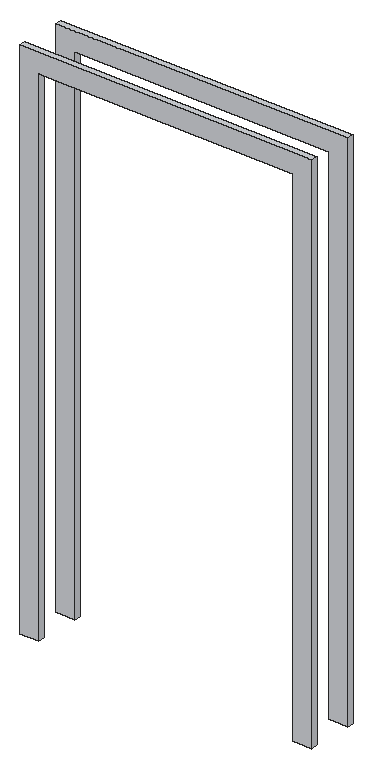
Revit family "Puertas Covenin", category Puertas, Revit 2022
Family settings
  Anfitrión = Muro
  Número OmniClass = 23.30.10.00
  Título OmniClass = Doors
  Siempre vertical = Sí
  Corte con vacíos al cargar = No
  Compartido = No
  Punto de cálculo de habitación = No
Parameters (values of type "puerta de madera maciza")
  norma = "E447011131"
  Función = Interior
  Proyección marco ext. = 25 mm
  Proyección marco int. = 25 mm
  Anchura de marco = 75 mm
  Altura = 2000 mm
  Cierre de muro = Por anfitrión
  Anchura = 1000 mm
Reference planes
  plane 1: y = 0
  plane 2 "Centro (Izquierda/Derecha)": x = 0
  plane 3 "Izquierda": x = -500
  plane 4 "Derecha": x = 500
  plane 5: z = 2000
  plane 6 "Exterior": y = 75
  plane 7 "Interior": y = -75
Forms (mm)
  Extrusion 1, solid
    sketch origin (-3050, -75, 0) x (1, 0, 0) y (0, 0, 1)
      loop
        line (2475, 0) -> (2550, 0) -> (2550, 2000) -> (3550, 2000) -> (3550, 0) -> (3625, 0) -> (3625, 2075) -> (2475, 2075) -> (2475, 0)
    from 0 to 25
  Extrusion 2, solid
    sketch origin (-3050, 75, 0) x (-1, 0, 0) y (0, 0, 1)
      loop
        line (-2550, 0) -> (-2475, 0) -> (-2475, 2075) -> (-3625, 2075) -> (-3625, 0) -> (-3550, 0) -> (-3550, 2000) -> (-2550, 2000) -> (-2550, 0)
    from 0 to 25
Lines and regions (mm)
  Opening 1
    outline origin (-3050, -75, 0) x (1, 0, 0) y (0, 0, 1)
      loop
        line (2550, 0) -> (3550, 0) -> (3550, 2000) -> (2550, 2000) -> (2550, 0)
  symbolic lines, style "Batiente de alzado"
    curve 1: line (500, -75, 1000) -> (-500, -75, 2000)
    curve 2: line (500, -75, 1000) -> (-500, -75, 0)
Text (mm)
  text "Exterior" at (-2295.016, 1099.543, 0), in view "Nivel de referencia"
  text "Exterior" at (0, 1615.38, 3698.081), in view "Izquierda"
  text "Exterior" at (0, 1036.032, 3874.932), in view "Derecha"
Dimensions and locks
  equal spacing: plane 3 "Izquierda", plane 2 "Centro (Izquierda/Derecha)", plane 4 "Derecha"
  "Anchura": plane 3 "Izquierda" to plane 4 "Derecha"
  "Altura": plane 5 to host wall
  equal spacing: host wall, curve 2, plane 5
  host wall to plane 5 = 2000 mm
  "Proyección marco ext.": Extrusion 2 to Extrusion 2
  "Proyección marco int.": Extrusion 1 to Extrusion 1
  "Anchura de marco": plane 3 "Izquierda" to Extrusion 1 sketch curve
  "Anchura de marco": plane 4 "Derecha" to Extrusion 1 sketch curve
  "Anchura de marco": Extrusion 1 sketch curve to plane 5
  "Anchura de marco": plane 4 "Derecha" to Extrusion 2 sketch curve
  "Anchura de marco": plane 3 "Izquierda" to Extrusion 2 sketch curve
  "Anchura de marco": plane 5 to Extrusion 2 sketch curve
  locked: plane 6 "Exterior" to host wall
  locked: plane 7 "Interior" to host wall
  aligned and locked: plane 3 "Izquierda" to Opening 1 sketch curve
  aligned and locked: plane 5 to Opening 1 sketch curve  (x2)
  aligned and locked: Opening 1 sketch curve to plane 4 "Derecha"
  aligned and locked: Opening 1 sketch curve to level
  aligned and locked: level to Extrusion 1 sketch curve
  aligned and locked: plane 5 to Extrusion 1 sketch curve  (x2)
  aligned and locked: Extrusion 1 sketch curve to plane 4 "Derecha"
  aligned and locked: plane 3 "Izquierda" to Extrusion 1 sketch curve
  aligned and locked: plane 3 "Izquierda" to Extrusion 2 sketch curve
  aligned and locked: plane 5 to Extrusion 2 sketch curve  (x2)
  aligned and locked: level to Extrusion 2 sketch curve
  aligned and locked: plane 5 to curve 1
  aligned and locked: plane 3 "Izquierda" to curve 2
  aligned and locked: plane 1 to host wall
  aligned and locked: plane 3 "Izquierda" to curve 1
Automatic sketch dimensions
  Extrusion 2 sketch curve to plane 4 "Derecha" = 0 mm
  Extrusion 1 sketch curve to level = 0 mm
  Extrusion 2 sketch curve to level = 0 mm
  plane 4 "Derecha" to curve 2 = 0 mm
  curve 2 to level = 0 mm
